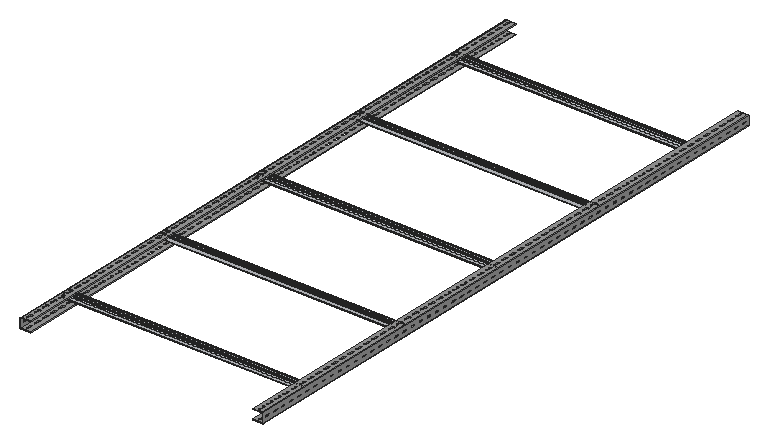
Revit family "steigeleiter_1200_FT", category Generic Models, Revit 2017
Family settings
  Can host rebar = No
  Round Connector Dimension = Use Diameter
  Part Type = Normal
  Work Plane-Based = No
  Always vertical = Yes
  Cut with Voids When Loaded = No
  Shared = No
  Room Calculation Point = No
Parameters (values of type "SLM 50 C40 12 FT")
  Width 1 = Width / 2  # 600 mm
  Width = 1200 mm
  URL = "http://www.obo-bettermann.com"
  Material = Hot-dip galvanised
  Manufacturer Art.No. = "6010563"
  Manufacturer = "OBO BETTERMANN"
  Length 2 = 273.5 mm
  Length = 3000 mm
  GTIN = "4012196168491"
  Cut's space 2 = 600 mm
  Cut's space = 50 mm
  Cut's number 3 = 2
  Cut's number 2 = 5
  Cut's number = Length / Cut's space  # 60
  Article Type = "SLM 50 C40 12 FT"
Reference planes
  plane 1 "Center (Front/Back)": y = 0
  plane 2: z = 0
  plane 3 "Center (Left/Right)": x = 0
  plane 4: z = 50
  plane 5: y = 3000
  plane 6: y = 273.5
Forms (mm)
  Extrusion 1, solid, material "Hot-dip galvanised" <- "Material"
    sketch origin (0, 0, 0) x (1, 0, 0) y (0, 0, 1)
      loop
        arc (-596, 2.5) -> (-597.061, 2.939) -> (-597.5, 4) r 1.5
        line (-597.5, 4) -> (-597.5, 46)
        arc (-597.5, 46) -> (-597.061, 47.061) -> (-596, 47.5) r 1.5
        line (-596, 47.5) -> (-550, 47.5) -> (-550, 50) -> (-596, 50)
        arc (-596, 50) -> (-598.828, 48.828) -> (-600, 46) r 4
        line (-600, 46) -> (-600, 4)
        arc (-600, 4) -> (-598.828, 1.172) -> (-596, 0) r 4
        line (-596, 0) -> (-550, 0) -> (-550, 2.5) -> (-596, 2.5)
      loop
        line (550, 50) -> (550, 47.5) -> (596, 47.5)
        arc (596, 47.5) -> (597.061, 47.061) -> (597.5, 46) r 1.5
        line (597.5, 46) -> (597.5, 4)
        arc (597.5, 4) -> (597.061, 2.939) -> (596, 2.5) r 1.5
        line (596, 2.5) -> (550, 2.5) -> (550, 0) -> (599.273, 0)
        arc (599.273, 0) -> (599.787, 0.213) -> (600, 0.727) r 0.727
        line (600, 0.727) -> (600, 47.011)
        arc (600, 47.011) -> (599.124, 49.124) -> (597.011, 50) r 2.989
        line (597.011, 50) -> (550, 50)
    from 0 to -3000
  Extrusion 2, void
    sketch origin (0, 0, 0) x (1, 0, 0) y (0, 1, 0)
      loop
        arc (-580.5, 15.5) -> (-575, 10) -> (-569.5, 15.5) r 5.5
        line (-569.5, 15.5) -> (-569.5, 34.5)
        arc (-569.5, 34.5) -> (-575, 40) -> (-580.5, 34.5) r 5.5
        line (-580.5, 34.5) -> (-580.5, 15.5)
    from 47.5 to 50
  Extrusion 3, void
    sketch origin (0, 50, 0) x (1, 0, 0) y (0, 1, 0)
      loop
        arc (-580.5, 15.5) -> (-575, 10) -> (-569.5, 15.5) r 5.5
        line (-569.5, 15.5) -> (-569.5, 34.5)
        arc (-569.5, 34.5) -> (-575, 40) -> (-580.5, 34.5) r 5.5
        line (-580.5, 34.5) -> (-580.5, 15.5)
    from 47.5 to 50
  Extrusion 4, void
    sketch origin (0, 100, 0) x (1, 0, 0) y (0, 1, 0)
      loop
        arc (-580.5, 15.5) -> (-575, 10) -> (-569.5, 15.5) r 5.5
        line (-569.5, 15.5) -> (-569.5, 34.5)
        arc (-569.5, 34.5) -> (-575, 40) -> (-580.5, 34.5) r 5.5
        line (-580.5, 34.5) -> (-580.5, 15.5)
    from 47.5 to 50
  Extrusion 5, void
    sketch origin (0, 150, 0) x (1, 0, 0) y (0, 1, 0)
      loop
        arc (-580.5, 15.5) -> (-575, 10) -> (-569.5, 15.5) r 5.5
        line (-569.5, 15.5) -> (-569.5, 34.5)
        arc (-569.5, 34.5) -> (-575, 40) -> (-580.5, 34.5) r 5.5
        line (-580.5, 34.5) -> (-580.5, 15.5)
    from 47.5 to 50
  Extrusion 6, void
    sketch origin (0, 200, 0) x (1, 0, 0) y (0, 1, 0)
      loop
        arc (-580.5, 15.5) -> (-575, 10) -> (-569.5, 15.5) r 5.5
        line (-569.5, 15.5) -> (-569.5, 34.5)
        arc (-569.5, 34.5) -> (-575, 40) -> (-580.5, 34.5) r 5.5
        line (-580.5, 34.5) -> (-580.5, 15.5)
    from 47.5 to 50
  Extrusion 7, void
    sketch origin (0, 250, 0) x (1, 0, 0) y (0, 1, 0)
      loop
        arc (-580.5, 15.5) -> (-575, 10) -> (-569.5, 15.5) r 5.5
        line (-569.5, 15.5) -> (-569.5, 34.5)
        arc (-569.5, 34.5) -> (-575, 40) -> (-580.5, 34.5) r 5.5
        line (-580.5, 34.5) -> (-580.5, 15.5)
    from 47.5 to 50
  Extrusion 8, void
    sketch origin (0, 300, 0) x (1, 0, 0) y (0, 1, 0)
      loop
        arc (-580.5, 15.5) -> (-575, 10) -> (-569.5, 15.5) r 5.5
        line (-569.5, 15.5) -> (-569.5, 34.5)
        arc (-569.5, 34.5) -> (-575, 40) -> (-580.5, 34.5) r 5.5
        line (-580.5, 34.5) -> (-580.5, 15.5)
    from 47.5 to 50
  Extrusion 9, void
    sketch origin (0, 350, 0) x (1, 0, 0) y (0, 1, 0)
      loop
        arc (-580.5, 15.5) -> (-575, 10) -> (-569.5, 15.5) r 5.5
        line (-569.5, 15.5) -> (-569.5, 34.5)
        arc (-569.5, 34.5) -> (-575, 40) -> (-580.5, 34.5) r 5.5
        line (-580.5, 34.5) -> (-580.5, 15.5)
    from 47.5 to 50
  Extrusion 10, void
    sketch origin (0, 400, 0) x (1, 0, 0) y (0, 1, 0)
      loop
        arc (-580.5, 15.5) -> (-575, 10) -> (-569.5, 15.5) r 5.5
        line (-569.5, 15.5) -> (-569.5, 34.5)
        arc (-569.5, 34.5) -> (-575, 40) -> (-580.5, 34.5) r 5.5
        line (-580.5, 34.5) -> (-580.5, 15.5)
    from 47.5 to 50
  Extrusion 11, void
    sketch origin (0, 450, 0) x (1, 0, 0) y (0, 1, 0)
      loop
        arc (-580.5, 15.5) -> (-575, 10) -> (-569.5, 15.5) r 5.5
        line (-569.5, 15.5) -> (-569.5, 34.5)
        arc (-569.5, 34.5) -> (-575, 40) -> (-580.5, 34.5) r 5.5
        line (-580.5, 34.5) -> (-580.5, 15.5)
    from 47.5 to 50
  Extrusion 12, void
    sketch origin (0, 500, 0) x (1, 0, 0) y (0, 1, 0)
      loop
        arc (-580.5, 15.5) -> (-575, 10) -> (-569.5, 15.5) r 5.5
        line (-569.5, 15.5) -> (-569.5, 34.5)
        arc (-569.5, 34.5) -> (-575, 40) -> (-580.5, 34.5) r 5.5
        line (-580.5, 34.5) -> (-580.5, 15.5)
    from 47.5 to 50
  Extrusion 13, void
    sketch origin (0, 550, 0) x (1, 0, 0) y (0, 1, 0)
      loop
        arc (-580.5, 15.5) -> (-575, 10) -> (-569.5, 15.5) r 5.5
        line (-569.5, 15.5) -> (-569.5, 34.5)
        arc (-569.5, 34.5) -> (-575, 40) -> (-580.5, 34.5) r 5.5
        line (-580.5, 34.5) -> (-580.5, 15.5)
    from 47.5 to 50
  Extrusion 14, void
    sketch origin (0, 600, 0) x (1, 0, 0) y (0, 1, 0)
      loop
        arc (-580.5, 15.5) -> (-575, 10) -> (-569.5, 15.5) r 5.5
        line (-569.5, 15.5) -> (-569.5, 34.5)
        arc (-569.5, 34.5) -> (-575, 40) -> (-580.5, 34.5) r 5.5
        line (-580.5, 34.5) -> (-580.5, 15.5)
    from 47.5 to 50
  Extrusion 15, void
    sketch origin (0, 650, 0) x (1, 0, 0) y (0, 1, 0)
      loop
        arc (-580.5, 15.5) -> (-575, 10) -> (-569.5, 15.5) r 5.5
        line (-569.5, 15.5) -> (-569.5, 34.5)
        arc (-569.5, 34.5) -> (-575, 40) -> (-580.5, 34.5) r 5.5
        line (-580.5, 34.5) -> (-580.5, 15.5)
    from 47.5 to 50
  Extrusion 16, void
    sketch origin (0, 700, 0) x (1, 0, 0) y (0, 1, 0)
      loop
        arc (-580.5, 15.5) -> (-575, 10) -> (-569.5, 15.5) r 5.5
        line (-569.5, 15.5) -> (-569.5, 34.5)
        arc (-569.5, 34.5) -> (-575, 40) -> (-580.5, 34.5) r 5.5
        line (-580.5, 34.5) -> (-580.5, 15.5)
    from 47.5 to 50
  Extrusion 17, void
    sketch origin (0, 750, 0) x (1, 0, 0) y (0, 1, 0)
      loop
        arc (-580.5, 15.5) -> (-575, 10) -> (-569.5, 15.5) r 5.5
        line (-569.5, 15.5) -> (-569.5, 34.5)
        arc (-569.5, 34.5) -> (-575, 40) -> (-580.5, 34.5) r 5.5
        line (-580.5, 34.5) -> (-580.5, 15.5)
    from 47.5 to 50
  Extrusion 18, void
    sketch origin (0, 800, 0) x (1, 0, 0) y (0, 1, 0)
      loop
        arc (-580.5, 15.5) -> (-575, 10) -> (-569.5, 15.5) r 5.5
        line (-569.5, 15.5) -> (-569.5, 34.5)
        arc (-569.5, 34.5) -> (-575, 40) -> (-580.5, 34.5) r 5.5
        line (-580.5, 34.5) -> (-580.5, 15.5)
    from 47.5 to 50
  Extrusion 19, void
    sketch origin (0, 850, 0) x (1, 0, 0) y (0, 1, 0)
      loop
        arc (-580.5, 15.5) -> (-575, 10) -> (-569.5, 15.5) r 5.5
        line (-569.5, 15.5) -> (-569.5, 34.5)
        arc (-569.5, 34.5) -> (-575, 40) -> (-580.5, 34.5) r 5.5
        line (-580.5, 34.5) -> (-580.5, 15.5)
    from 47.5 to 50
  Extrusion 20, void
    sketch origin (0, 900, 0) x (1, 0, 0) y (0, 1, 0)
      loop
        arc (-580.5, 15.5) -> (-575, 10) -> (-569.5, 15.5) r 5.5
        line (-569.5, 15.5) -> (-569.5, 34.5)
        arc (-569.5, 34.5) -> (-575, 40) -> (-580.5, 34.5) r 5.5
        line (-580.5, 34.5) -> (-580.5, 15.5)
    from 47.5 to 50
  Extrusion 21, void
    sketch origin (0, 950, 0) x (1, 0, 0) y (0, 1, 0)
      loop
        arc (-580.5, 15.5) -> (-575, 10) -> (-569.5, 15.5) r 5.5
        line (-569.5, 15.5) -> (-569.5, 34.5)
        arc (-569.5, 34.5) -> (-575, 40) -> (-580.5, 34.5) r 5.5
        line (-580.5, 34.5) -> (-580.5, 15.5)
    from 47.5 to 50
  Extrusion 22, void
    sketch origin (0, 1000, 0) x (1, 0, 0) y (0, 1, 0)
      loop
        arc (-580.5, 15.5) -> (-575, 10) -> (-569.5, 15.5) r 5.5
        line (-569.5, 15.5) -> (-569.5, 34.5)
        arc (-569.5, 34.5) -> (-575, 40) -> (-580.5, 34.5) r 5.5
        line (-580.5, 34.5) -> (-580.5, 15.5)
    from 47.5 to 50
  Extrusion 23, void
    sketch origin (0, 1050, 0) x (1, 0, 0) y (0, 1, 0)
      loop
        arc (-580.5, 15.5) -> (-575, 10) -> (-569.5, 15.5) r 5.5
        line (-569.5, 15.5) -> (-569.5, 34.5)
        arc (-569.5, 34.5) -> (-575, 40) -> (-580.5, 34.5) r 5.5
        line (-580.5, 34.5) -> (-580.5, 15.5)
    from 47.5 to 50
  Extrusion 24, void
    sketch origin (0, 1100, 0) x (1, 0, 0) y (0, 1, 0)
      loop
        arc (-580.5, 15.5) -> (-575, 10) -> (-569.5, 15.5) r 5.5
        line (-569.5, 15.5) -> (-569.5, 34.5)
        arc (-569.5, 34.5) -> (-575, 40) -> (-580.5, 34.5) r 5.5
        line (-580.5, 34.5) -> (-580.5, 15.5)
    from 47.5 to 50
  Extrusion 25, void
    sketch origin (0, 1150, 0) x (1, 0, 0) y (0, 1, 0)
      loop
        arc (-580.5, 15.5) -> (-575, 10) -> (-569.5, 15.5) r 5.5
        line (-569.5, 15.5) -> (-569.5, 34.5)
        arc (-569.5, 34.5) -> (-575, 40) -> (-580.5, 34.5) r 5.5
        line (-580.5, 34.5) -> (-580.5, 15.5)
    from 47.5 to 50
  Extrusion 26, void
    sketch origin (0, 1200, 0) x (1, 0, 0) y (0, 1, 0)
      loop
        arc (-580.5, 15.5) -> (-575, 10) -> (-569.5, 15.5) r 5.5
        line (-569.5, 15.5) -> (-569.5, 34.5)
        arc (-569.5, 34.5) -> (-575, 40) -> (-580.5, 34.5) r 5.5
        line (-580.5, 34.5) -> (-580.5, 15.5)
    from 47.5 to 50
  Extrusion 27, void
    sketch origin (0, 1250, 0) x (1, 0, 0) y (0, 1, 0)
      loop
        arc (-580.5, 15.5) -> (-575, 10) -> (-569.5, 15.5) r 5.5
        line (-569.5, 15.5) -> (-569.5, 34.5)
        arc (-569.5, 34.5) -> (-575, 40) -> (-580.5, 34.5) r 5.5
        line (-580.5, 34.5) -> (-580.5, 15.5)
    from 47.5 to 50
  Extrusion 28, void
    sketch origin (0, 1300, 0) x (1, 0, 0) y (0, 1, 0)
      loop
        arc (-580.5, 15.5) -> (-575, 10) -> (-569.5, 15.5) r 5.5
        line (-569.5, 15.5) -> (-569.5, 34.5)
        arc (-569.5, 34.5) -> (-575, 40) -> (-580.5, 34.5) r 5.5
        line (-580.5, 34.5) -> (-580.5, 15.5)
    from 47.5 to 50
  Extrusion 29, void
    sketch origin (0, 1350, 0) x (1, 0, 0) y (0, 1, 0)
      loop
        arc (-580.5, 15.5) -> (-575, 10) -> (-569.5, 15.5) r 5.5
        line (-569.5, 15.5) -> (-569.5, 34.5)
        arc (-569.5, 34.5) -> (-575, 40) -> (-580.5, 34.5) r 5.5
        line (-580.5, 34.5) -> (-580.5, 15.5)
    from 47.5 to 50
  Extrusion 30, void
    sketch origin (0, 1400, 0) x (1, 0, 0) y (0, 1, 0)
      loop
        arc (-580.5, 15.5) -> (-575, 10) -> (-569.5, 15.5) r 5.5
        line (-569.5, 15.5) -> (-569.5, 34.5)
        arc (-569.5, 34.5) -> (-575, 40) -> (-580.5, 34.5) r 5.5
        line (-580.5, 34.5) -> (-580.5, 15.5)
    from 47.5 to 50
  Extrusion 31, void
    sketch origin (0, 1450, 0) x (1, 0, 0) y (0, 1, 0)
      loop
        arc (-580.5, 15.5) -> (-575, 10) -> (-569.5, 15.5) r 5.5
        line (-569.5, 15.5) -> (-569.5, 34.5)
        arc (-569.5, 34.5) -> (-575, 40) -> (-580.5, 34.5) r 5.5
        line (-580.5, 34.5) -> (-580.5, 15.5)
    from 47.5 to 50
  Extrusion 32, void
    sketch origin (0, 1500, 0) x (1, 0, 0) y (0, 1, 0)
      loop
        arc (-580.5, 15.5) -> (-575, 10) -> (-569.5, 15.5) r 5.5
        line (-569.5, 15.5) -> (-569.5, 34.5)
        arc (-569.5, 34.5) -> (-575, 40) -> (-580.5, 34.5) r 5.5
        line (-580.5, 34.5) -> (-580.5, 15.5)
    from 47.5 to 50
  Extrusion 33, void
    sketch origin (0, 1550, 0) x (1, 0, 0) y (0, 1, 0)
      loop
        arc (-580.5, 15.5) -> (-575, 10) -> (-569.5, 15.5) r 5.5
        line (-569.5, 15.5) -> (-569.5, 34.5)
        arc (-569.5, 34.5) -> (-575, 40) -> (-580.5, 34.5) r 5.5
        line (-580.5, 34.5) -> (-580.5, 15.5)
    from 47.5 to 50
  Extrusion 34, void
    sketch origin (0, 1600, 0) x (1, 0, 0) y (0, 1, 0)
      loop
        arc (-580.5, 15.5) -> (-575, 10) -> (-569.5, 15.5) r 5.5
        line (-569.5, 15.5) -> (-569.5, 34.5)
        arc (-569.5, 34.5) -> (-575, 40) -> (-580.5, 34.5) r 5.5
        line (-580.5, 34.5) -> (-580.5, 15.5)
    from 47.5 to 50
  Extrusion 35, void
    sketch origin (0, 1650, 0) x (1, 0, 0) y (0, 1, 0)
      loop
        arc (-580.5, 15.5) -> (-575, 10) -> (-569.5, 15.5) r 5.5
        line (-569.5, 15.5) -> (-569.5, 34.5)
        arc (-569.5, 34.5) -> (-575, 40) -> (-580.5, 34.5) r 5.5
        line (-580.5, 34.5) -> (-580.5, 15.5)
    from 47.5 to 50
  Extrusion 36, void
    sketch origin (0, 1700, 0) x (1, 0, 0) y (0, 1, 0)
      loop
        arc (-580.5, 15.5) -> (-575, 10) -> (-569.5, 15.5) r 5.5
        line (-569.5, 15.5) -> (-569.5, 34.5)
        arc (-569.5, 34.5) -> (-575, 40) -> (-580.5, 34.5) r 5.5
        line (-580.5, 34.5) -> (-580.5, 15.5)
    from 47.5 to 50
  Extrusion 37, void
    sketch origin (0, 1750, 0) x (1, 0, 0) y (0, 1, 0)
      loop
        arc (-580.5, 15.5) -> (-575, 10) -> (-569.5, 15.5) r 5.5
        line (-569.5, 15.5) -> (-569.5, 34.5)
        arc (-569.5, 34.5) -> (-575, 40) -> (-580.5, 34.5) r 5.5
        line (-580.5, 34.5) -> (-580.5, 15.5)
    from 47.5 to 50
  Extrusion 38, void
    sketch origin (0, 1800, 0) x (1, 0, 0) y (0, 1, 0)
      loop
        arc (-580.5, 15.5) -> (-575, 10) -> (-569.5, 15.5) r 5.5
        line (-569.5, 15.5) -> (-569.5, 34.5)
        arc (-569.5, 34.5) -> (-575, 40) -> (-580.5, 34.5) r 5.5
        line (-580.5, 34.5) -> (-580.5, 15.5)
    from 47.5 to 50
  Extrusion 39, void
    sketch origin (0, 1850, 0) x (1, 0, 0) y (0, 1, 0)
      loop
        arc (-580.5, 15.5) -> (-575, 10) -> (-569.5, 15.5) r 5.5
        line (-569.5, 15.5) -> (-569.5, 34.5)
        arc (-569.5, 34.5) -> (-575, 40) -> (-580.5, 34.5) r 5.5
        line (-580.5, 34.5) -> (-580.5, 15.5)
    from 47.5 to 50
  Extrusion 40, void
    sketch origin (0, 1900, 0) x (1, 0, 0) y (0, 1, 0)
      loop
        arc (-580.5, 15.5) -> (-575, 10) -> (-569.5, 15.5) r 5.5
        line (-569.5, 15.5) -> (-569.5, 34.5)
        arc (-569.5, 34.5) -> (-575, 40) -> (-580.5, 34.5) r 5.5
        line (-580.5, 34.5) -> (-580.5, 15.5)
    from 47.5 to 50
  Extrusion 41, void
    sketch origin (0, 1950, 0) x (1, 0, 0) y (0, 1, 0)
      loop
        arc (-580.5, 15.5) -> (-575, 10) -> (-569.5, 15.5) r 5.5
        line (-569.5, 15.5) -> (-569.5, 34.5)
        arc (-569.5, 34.5) -> (-575, 40) -> (-580.5, 34.5) r 5.5
        line (-580.5, 34.5) -> (-580.5, 15.5)
    from 47.5 to 50
  Extrusion 42, void
    sketch origin (0, 2000, 0) x (1, 0, 0) y (0, 1, 0)
      loop
        arc (-580.5, 15.5) -> (-575, 10) -> (-569.5, 15.5) r 5.5
        line (-569.5, 15.5) -> (-569.5, 34.5)
        arc (-569.5, 34.5) -> (-575, 40) -> (-580.5, 34.5) r 5.5
        line (-580.5, 34.5) -> (-580.5, 15.5)
    from 47.5 to 50
  Extrusion 43, void
    sketch origin (0, 2050, 0) x (1, 0, 0) y (0, 1, 0)
      loop
        arc (-580.5, 15.5) -> (-575, 10) -> (-569.5, 15.5) r 5.5
        line (-569.5, 15.5) -> (-569.5, 34.5)
        arc (-569.5, 34.5) -> (-575, 40) -> (-580.5, 34.5) r 5.5
        line (-580.5, 34.5) -> (-580.5, 15.5)
    from 47.5 to 50
  Extrusion 44, void
    sketch origin (0, 2100, 0) x (1, 0, 0) y (0, 1, 0)
      loop
        arc (-580.5, 15.5) -> (-575, 10) -> (-569.5, 15.5) r 5.5
        line (-569.5, 15.5) -> (-569.5, 34.5)
        arc (-569.5, 34.5) -> (-575, 40) -> (-580.5, 34.5) r 5.5
        line (-580.5, 34.5) -> (-580.5, 15.5)
    from 47.5 to 50
  Extrusion 45, void
    sketch origin (0, 2150, 0) x (1, 0, 0) y (0, 1, 0)
      loop
        arc (-580.5, 15.5) -> (-575, 10) -> (-569.5, 15.5) r 5.5
        line (-569.5, 15.5) -> (-569.5, 34.5)
        arc (-569.5, 34.5) -> (-575, 40) -> (-580.5, 34.5) r 5.5
        line (-580.5, 34.5) -> (-580.5, 15.5)
    from 47.5 to 50
  Extrusion 46, void
    sketch origin (0, 2200, 0) x (1, 0, 0) y (0, 1, 0)
      loop
        arc (-580.5, 15.5) -> (-575, 10) -> (-569.5, 15.5) r 5.5
        line (-569.5, 15.5) -> (-569.5, 34.5)
        arc (-569.5, 34.5) -> (-575, 40) -> (-580.5, 34.5) r 5.5
        line (-580.5, 34.5) -> (-580.5, 15.5)
    from 47.5 to 50
  Extrusion 47, void
    sketch origin (0, 2250, 0) x (1, 0, 0) y (0, 1, 0)
      loop
        arc (-580.5, 15.5) -> (-575, 10) -> (-569.5, 15.5) r 5.5
        line (-569.5, 15.5) -> (-569.5, 34.5)
        arc (-569.5, 34.5) -> (-575, 40) -> (-580.5, 34.5) r 5.5
        line (-580.5, 34.5) -> (-580.5, 15.5)
    from 47.5 to 50
  Extrusion 48, void
    sketch origin (0, 2300, 0) x (1, 0, 0) y (0, 1, 0)
      loop
        arc (-580.5, 15.5) -> (-575, 10) -> (-569.5, 15.5) r 5.5
        line (-569.5, 15.5) -> (-569.5, 34.5)
        arc (-569.5, 34.5) -> (-575, 40) -> (-580.5, 34.5) r 5.5
        line (-580.5, 34.5) -> (-580.5, 15.5)
    from 47.5 to 50
  Extrusion 49, void
    sketch origin (0, 2350, 0) x (1, 0, 0) y (0, 1, 0)
      loop
        arc (-580.5, 15.5) -> (-575, 10) -> (-569.5, 15.5) r 5.5
        line (-569.5, 15.5) -> (-569.5, 34.5)
        arc (-569.5, 34.5) -> (-575, 40) -> (-580.5, 34.5) r 5.5
        line (-580.5, 34.5) -> (-580.5, 15.5)
    from 47.5 to 50
  Extrusion 50, void
    sketch origin (0, 2400, 0) x (1, 0, 0) y (0, 1, 0)
      loop
        arc (-580.5, 15.5) -> (-575, 10) -> (-569.5, 15.5) r 5.5
        line (-569.5, 15.5) -> (-569.5, 34.5)
        arc (-569.5, 34.5) -> (-575, 40) -> (-580.5, 34.5) r 5.5
        line (-580.5, 34.5) -> (-580.5, 15.5)
    from 47.5 to 50
  Extrusion 51, void
    sketch origin (0, 2450, 0) x (1, 0, 0) y (0, 1, 0)
      loop
        arc (-580.5, 15.5) -> (-575, 10) -> (-569.5, 15.5) r 5.5
        line (-569.5, 15.5) -> (-569.5, 34.5)
        arc (-569.5, 34.5) -> (-575, 40) -> (-580.5, 34.5) r 5.5
        line (-580.5, 34.5) -> (-580.5, 15.5)
    from 47.5 to 50
  Extrusion 52, void
    sketch origin (0, 2500, 0) x (1, 0, 0) y (0, 1, 0)
      loop
        arc (-580.5, 15.5) -> (-575, 10) -> (-569.5, 15.5) r 5.5
        line (-569.5, 15.5) -> (-569.5, 34.5)
        arc (-569.5, 34.5) -> (-575, 40) -> (-580.5, 34.5) r 5.5
        line (-580.5, 34.5) -> (-580.5, 15.5)
    from 47.5 to 50
  Extrusion 53, void
    sketch origin (0, 2550, 0) x (1, 0, 0) y (0, 1, 0)
      loop
        arc (-580.5, 15.5) -> (-575, 10) -> (-569.5, 15.5) r 5.5
        line (-569.5, 15.5) -> (-569.5, 34.5)
        arc (-569.5, 34.5) -> (-575, 40) -> (-580.5, 34.5) r 5.5
        line (-580.5, 34.5) -> (-580.5, 15.5)
    from 47.5 to 50
  Extrusion 54, void
    sketch origin (0, 2600, 0) x (1, 0, 0) y (0, 1, 0)
      loop
        arc (-580.5, 15.5) -> (-575, 10) -> (-569.5, 15.5) r 5.5
        line (-569.5, 15.5) -> (-569.5, 34.5)
        arc (-569.5, 34.5) -> (-575, 40) -> (-580.5, 34.5) r 5.5
        line (-580.5, 34.5) -> (-580.5, 15.5)
    from 47.5 to 50
  Extrusion 55, void
    sketch origin (0, 2650, 0) x (1, 0, 0) y (0, 1, 0)
      loop
        arc (-580.5, 15.5) -> (-575, 10) -> (-569.5, 15.5) r 5.5
        line (-569.5, 15.5) -> (-569.5, 34.5)
        arc (-569.5, 34.5) -> (-575, 40) -> (-580.5, 34.5) r 5.5
        line (-580.5, 34.5) -> (-580.5, 15.5)
    from 47.5 to 50
  Extrusion 56, void
    sketch origin (0, 2700, 0) x (1, 0, 0) y (0, 1, 0)
      loop
        arc (-580.5, 15.5) -> (-575, 10) -> (-569.5, 15.5) r 5.5
        line (-569.5, 15.5) -> (-569.5, 34.5)
        arc (-569.5, 34.5) -> (-575, 40) -> (-580.5, 34.5) r 5.5
        line (-580.5, 34.5) -> (-580.5, 15.5)
    from 47.5 to 50
  Extrusion 57, void
    sketch origin (0, 2750, 0) x (1, 0, 0) y (0, 1, 0)
      loop
        arc (-580.5, 15.5) -> (-575, 10) -> (-569.5, 15.5) r 5.5
        line (-569.5, 15.5) -> (-569.5, 34.5)
        arc (-569.5, 34.5) -> (-575, 40) -> (-580.5, 34.5) r 5.5
        line (-580.5, 34.5) -> (-580.5, 15.5)
    from 47.5 to 50
  Extrusion 58, void
    sketch origin (0, 2800, 0) x (1, 0, 0) y (0, 1, 0)
      loop
        arc (-580.5, 15.5) -> (-575, 10) -> (-569.5, 15.5) r 5.5
        line (-569.5, 15.5) -> (-569.5, 34.5)
        arc (-569.5, 34.5) -> (-575, 40) -> (-580.5, 34.5) r 5.5
        line (-580.5, 34.5) -> (-580.5, 15.5)
    from 47.5 to 50
  Extrusion 59, void
    sketch origin (0, 2850, 0) x (1, 0, 0) y (0, 1, 0)
      loop
        arc (-580.5, 15.5) -> (-575, 10) -> (-569.5, 15.5) r 5.5
        line (-569.5, 15.5) -> (-569.5, 34.5)
        arc (-569.5, 34.5) -> (-575, 40) -> (-580.5, 34.5) r 5.5
        line (-580.5, 34.5) -> (-580.5, 15.5)
    from 47.5 to 50
  Extrusion 60, void
    sketch origin (0, 2900, 0) x (1, 0, 0) y (0, 1, 0)
      loop
        arc (-580.5, 15.5) -> (-575, 10) -> (-569.5, 15.5) r 5.5
        line (-569.5, 15.5) -> (-569.5, 34.5)
        arc (-569.5, 34.5) -> (-575, 40) -> (-580.5, 34.5) r 5.5
        line (-580.5, 34.5) -> (-580.5, 15.5)
    from 47.5 to 50
  Extrusion 61, void
    sketch origin (0, 2950, 0) x (1, 0, 0) y (0, 1, 0)
      loop
        arc (-580.5, 15.5) -> (-575, 10) -> (-569.5, 15.5) r 5.5
        line (-569.5, 15.5) -> (-569.5, 34.5)
        arc (-569.5, 34.5) -> (-575, 40) -> (-580.5, 34.5) r 5.5
        line (-580.5, 34.5) -> (-580.5, 15.5)
    from 47.5 to 50
  Extrusion 62, void
    sketch origin (0, 0, 0) x (1, 0, 0) y (0, 1, 0)
      loop
        arc (569.5, 15.5) -> (575, 10) -> (580.5, 15.5) r 5.5
        line (580.5, 15.5) -> (580.5, 34.5)
        arc (580.5, 34.5) -> (575, 40) -> (569.5, 34.5) r 5.5
        line (569.5, 34.5) -> (569.5, 15.5)
    from 47.5 to 50
  Extrusion 63, void
    sketch origin (0, 50, 0) x (1, 0, 0) y (0, 1, 0)
      loop
        arc (569.5, 15.5) -> (575, 10) -> (580.5, 15.5) r 5.5
        line (580.5, 15.5) -> (580.5, 34.5)
        arc (580.5, 34.5) -> (575, 40) -> (569.5, 34.5) r 5.5
        line (569.5, 34.5) -> (569.5, 15.5)
    from 47.5 to 50
  Extrusion 64, void
    sketch origin (0, 100, 0) x (1, 0, 0) y (0, 1, 0)
      loop
        arc (569.5, 15.5) -> (575, 10) -> (580.5, 15.5) r 5.5
        line (580.5, 15.5) -> (580.5, 34.5)
        arc (580.5, 34.5) -> (575, 40) -> (569.5, 34.5) r 5.5
        line (569.5, 34.5) -> (569.5, 15.5)
    from 47.5 to 50
  Extrusion 65, void
    sketch origin (0, 150, 0) x (1, 0, 0) y (0, 1, 0)
      loop
        arc (569.5, 15.5) -> (575, 10) -> (580.5, 15.5) r 5.5
        line (580.5, 15.5) -> (580.5, 34.5)
        arc (580.5, 34.5) -> (575, 40) -> (569.5, 34.5) r 5.5
        line (569.5, 34.5) -> (569.5, 15.5)
    from 47.5 to 50
  Extrusion 66, void
    sketch origin (0, 200, 0) x (1, 0, 0) y (0, 1, 0)
      loop
        arc (569.5, 15.5) -> (575, 10) -> (580.5, 15.5) r 5.5
        line (580.5, 15.5) -> (580.5, 34.5)
        arc (580.5, 34.5) -> (575, 40) -> (569.5, 34.5) r 5.5
        line (569.5, 34.5) -> (569.5, 15.5)
    from 47.5 to 50
  Extrusion 67, void
    sketch origin (0, 250, 0) x (1, 0, 0) y (0, 1, 0)
      loop
        arc (569.5, 15.5) -> (575, 10) -> (580.5, 15.5) r 5.5
        line (580.5, 15.5) -> (580.5, 34.5)
        arc (580.5, 34.5) -> (575, 40) -> (569.5, 34.5) r 5.5
        line (569.5, 34.5) -> (569.5, 15.5)
    from 47.5 to 50
  Extrusion 68, void
    sketch origin (0, 300, 0) x (1, 0, 0) y (0, 1, 0)
      loop
        arc (569.5, 15.5) -> (575, 10) -> (580.5, 15.5) r 5.5
        line (580.5, 15.5) -> (580.5, 34.5)
        arc (580.5, 34.5) -> (575, 40) -> (569.5, 34.5) r 5.5
        line (569.5, 34.5) -> (569.5, 15.5)
    from 47.5 to 50
  Extrusion 69, void
    sketch origin (0, 350, 0) x (1, 0, 0) y (0, 1, 0)
      loop
        arc (569.5, 15.5) -> (575, 10) -> (580.5, 15.5) r 5.5
        line (580.5, 15.5) -> (580.5, 34.5)
        arc (580.5, 34.5) -> (575, 40) -> (569.5, 34.5) r 5.5
        line (569.5, 34.5) -> (569.5, 15.5)
    from 47.5 to 50
  Extrusion 70, void
    sketch origin (0, 400, 0) x (1, 0, 0) y (0, 1, 0)
      loop
        arc (569.5, 15.5) -> (575, 10) -> (580.5, 15.5) r 5.5
        line (580.5, 15.5) -> (580.5, 34.5)
        arc (580.5, 34.5) -> (575, 40) -> (569.5, 34.5) r 5.5
        line (569.5, 34.5) -> (569.5, 15.5)
    from 47.5 to 50
  Extrusion 71, void
    sketch origin (0, 450, 0) x (1, 0, 0) y (0, 1, 0)
      loop
        arc (569.5, 15.5) -> (575, 10) -> (580.5, 15.5) r 5.5
        line (580.5, 15.5) -> (580.5, 34.5)
        arc (580.5, 34.5) -> (575, 40) -> (569.5, 34.5) r 5.5
        line (569.5, 34.5) -> (569.5, 15.5)
    from 47.5 to 50
  Extrusion 72, void
    sketch origin (0, 500, 0) x (1, 0, 0) y (0, 1, 0)
      loop
        arc (569.5, 15.5) -> (575, 10) -> (580.5, 15.5) r 5.5
        line (580.5, 15.5) -> (580.5, 34.5)
        arc (580.5, 34.5) -> (575, 40) -> (569.5, 34.5) r 5.5
        line (569.5, 34.5) -> (569.5, 15.5)
    from 47.5 to 50
  Extrusion 73, void
    sketch origin (0, 550, 0) x (1, 0, 0) y (0, 1, 0)
      loop
        arc (569.5, 15.5) -> (575, 10) -> (580.5, 15.5) r 5.5
        line (580.5, 15.5) -> (580.5, 34.5)
        arc (580.5, 34.5) -> (575, 40) -> (569.5, 34.5) r 5.5
        line (569.5, 34.5) -> (569.5, 15.5)
    from 47.5 to 50
  Extrusion 74, void
    sketch origin (0, 600, 0) x (1, 0, 0) y (0, 1, 0)
      loop
        arc (569.5, 15.5) -> (575, 10) -> (580.5, 15.5) r 5.5
        line (580.5, 15.5) -> (580.5, 34.5)
        arc (580.5, 34.5) -> (575, 40) -> (569.5, 34.5) r 5.5
        line (569.5, 34.5) -> (569.5, 15.5)
    from 47.5 to 50
  Extrusion 75, void
    sketch origin (0, 650, 0) x (1, 0, 0) y (0, 1, 0)
      loop
        arc (569.5, 15.5) -> (575, 10) -> (580.5, 15.5) r 5.5
        line (580.5, 15.5) -> (580.5, 34.5)
        arc (580.5, 34.5) -> (575, 40) -> (569.5, 34.5) r 5.5
        line (569.5, 34.5) -> (569.5, 15.5)
    from 47.5 to 50
  Extrusion 76, void
    sketch origin (0, 700, 0) x (1, 0, 0) y (0, 1, 0)
      loop
        arc (569.5, 15.5) -> (575, 10) -> (580.5, 15.5) r 5.5
        line (580.5, 15.5) -> (580.5, 34.5)
        arc (580.5, 34.5) -> (575, 40) -> (569.5, 34.5) r 5.5
        line (569.5, 34.5) -> (569.5, 15.5)
    from 47.5 to 50
  Extrusion 77, void
    sketch origin (0, 750, 0) x (1, 0, 0) y (0, 1, 0)
      loop
        arc (569.5, 15.5) -> (575, 10) -> (580.5, 15.5) r 5.5
        line (580.5, 15.5) -> (580.5, 34.5)
        arc (580.5, 34.5) -> (575, 40) -> (569.5, 34.5) r 5.5
        line (569.5, 34.5) -> (569.5, 15.5)
    from 47.5 to 50
  Extrusion 78, void
    sketch origin (0, 800, 0) x (1, 0, 0) y (0, 1, 0)
      loop
        arc (569.5, 15.5) -> (575, 10) -> (580.5, 15.5) r 5.5
        line (580.5, 15.5) -> (580.5, 34.5)
        arc (580.5, 34.5) -> (575, 40) -> (569.5, 34.5) r 5.5
        line (569.5, 34.5) -> (569.5, 15.5)
    from 47.5 to 50
  Extrusion 79, void
    sketch origin (0, 850, 0) x (1, 0, 0) y (0, 1, 0)
      loop
        arc (569.5, 15.5) -> (575, 10) -> (580.5, 15.5) r 5.5
        line (580.5, 15.5) -> (580.5, 34.5)
        arc (580.5, 34.5) -> (575, 40) -> (569.5, 34.5) r 5.5
        line (569.5, 34.5) -> (569.5, 15.5)
    from 47.5 to 50
  Extrusion 80, void
    sketch origin (0, 900, 0) x (1, 0, 0) y (0, 1, 0)
      loop
        arc (569.5, 15.5) -> (575, 10) -> (580.5, 15.5) r 5.5
        line (580.5, 15.5) -> (580.5, 34.5)
        arc (580.5, 34.5) -> (575, 40) -> (569.5, 34.5) r 5.5
        line (569.5, 34.5) -> (569.5, 15.5)
    from 47.5 to 50
  Extrusion 81, void
    sketch origin (0, 950, 0) x (1, 0, 0) y (0, 1, 0)
      loop
        arc (569.5, 15.5) -> (575, 10) -> (580.5, 15.5) r 5.5
        line (580.5, 15.5) -> (580.5, 34.5)
        arc (580.5, 34.5) -> (575, 40) -> (569.5, 34.5) r 5.5
        line (569.5, 34.5) -> (569.5, 15.5)
    from 47.5 to 50
  Extrusion 82, void
    sketch origin (0, 1000, 0) x (1, 0, 0) y (0, 1, 0)
      loop
        arc (569.5, 15.5) -> (575, 10) -> (580.5, 15.5) r 5.5
        line (580.5, 15.5) -> (580.5, 34.5)
        arc (580.5, 34.5) -> (575, 40) -> (569.5, 34.5) r 5.5
        line (569.5, 34.5) -> (569.5, 15.5)
    from 47.5 to 50
  Extrusion 83, void
    sketch origin (0, 1050, 0) x (1, 0, 0) y (0, 1, 0)
      loop
        arc (569.5, 15.5) -> (575, 10) -> (580.5, 15.5) r 5.5
        line (580.5, 15.5) -> (580.5, 34.5)
        arc (580.5, 34.5) -> (575, 40) -> (569.5, 34.5) r 5.5
        line (569.5, 34.5) -> (569.5, 15.5)
    from 47.5 to 50
  Extrusion 84, void
    sketch origin (0, 1100, 0) x (1, 0, 0) y (0, 1, 0)
      loop
        arc (569.5, 15.5) -> (575, 10) -> (580.5, 15.5) r 5.5
        line (580.5, 15.5) -> (580.5, 34.5)
        arc (580.5, 34.5) -> (575, 40) -> (569.5, 34.5) r 5.5
        line (569.5, 34.5) -> (569.5, 15.5)
    from 47.5 to 50
  Extrusion 85, void
    sketch origin (0, 1150, 0) x (1, 0, 0) y (0, 1, 0)
      loop
        arc (569.5, 15.5) -> (575, 10) -> (580.5, 15.5) r 5.5
        line (580.5, 15.5) -> (580.5, 34.5)
        arc (580.5, 34.5) -> (575, 40) -> (569.5, 34.5) r 5.5
        line (569.5, 34.5) -> (569.5, 15.5)
    from 47.5 to 50
  Extrusion 86, void
    sketch origin (0, 1200, 0) x (1, 0, 0) y (0, 1, 0)
      loop
        arc (569.5, 15.5) -> (575, 10) -> (580.5, 15.5) r 5.5
        line (580.5, 15.5) -> (580.5, 34.5)
        arc (580.5, 34.5) -> (575, 40) -> (569.5, 34.5) r 5.5
        line (569.5, 34.5) -> (569.5, 15.5)
    from 47.5 to 50
  Extrusion 87, void
    sketch origin (0, 1250, 0) x (1, 0, 0) y (0, 1, 0)
      loop
        arc (569.5, 15.5) -> (575, 10) -> (580.5, 15.5) r 5.5
        line (580.5, 15.5) -> (580.5, 34.5)
        arc (580.5, 34.5) -> (575, 40) -> (569.5, 34.5) r 5.5
        line (569.5, 34.5) -> (569.5, 15.5)
    from 47.5 to 50
  Extrusion 88, void
    sketch origin (0, 1300, 0) x (1, 0, 0) y (0, 1, 0)
      loop
        arc (569.5, 15.5) -> (575, 10) -> (580.5, 15.5) r 5.5
        line (580.5, 15.5) -> (580.5, 34.5)
        arc (580.5, 34.5) -> (575, 40) -> (569.5, 34.5) r 5.5
        line (569.5, 34.5) -> (569.5, 15.5)
    from 47.5 to 50
  Extrusion 89, void
    sketch origin (0, 1350, 0) x (1, 0, 0) y (0, 1, 0)
      loop
        arc (569.5, 15.5) -> (575, 10) -> (580.5, 15.5) r 5.5
        line (580.5, 15.5) -> (580.5, 34.5)
        arc (580.5, 34.5) -> (575, 40) -> (569.5, 34.5) r 5.5
        line (569.5, 34.5) -> (569.5, 15.5)
    from 47.5 to 50
  Extrusion 90, void
    sketch origin (0, 1400, 0) x (1, 0, 0) y (0, 1, 0)
      loop
        arc (569.5, 15.5) -> (575, 10) -> (580.5, 15.5) r 5.5
        line (580.5, 15.5) -> (580.5, 34.5)
        arc (580.5, 34.5) -> (575, 40) -> (569.5, 34.5) r 5.5
        line (569.5, 34.5) -> (569.5, 15.5)
    from 47.5 to 50
  Extrusion 91, void
    sketch origin (0, 1450, 0) x (1, 0, 0) y (0, 1, 0)
      loop
        arc (569.5, 15.5) -> (575, 10) -> (580.5, 15.5) r 5.5
        line (580.5, 15.5) -> (580.5, 34.5)
        arc (580.5, 34.5) -> (575, 40) -> (569.5, 34.5) r 5.5
        line (569.5, 34.5) -> (569.5, 15.5)
    from 47.5 to 50
  Extrusion 92, void
    sketch origin (0, 1500, 0) x (1, 0, 0) y (0, 1, 0)
      loop
        arc (569.5, 15.5) -> (575, 10) -> (580.5, 15.5) r 5.5
        line (580.5, 15.5) -> (580.5, 34.5)
        arc (580.5, 34.5) -> (575, 40) -> (569.5, 34.5) r 5.5
        line (569.5, 34.5) -> (569.5, 15.5)
    from 47.5 to 50
  Extrusion 93, void
    sketch origin (0, 1550, 0) x (1, 0, 0) y (0, 1, 0)
      loop
        arc (569.5, 15.5) -> (575, 10) -> (580.5, 15.5) r 5.5
        line (580.5, 15.5) -> (580.5, 34.5)
        arc (580.5, 34.5) -> (575, 40) -> (569.5, 34.5) r 5.5
        line (569.5, 34.5) -> (569.5, 15.5)
    from 47.5 to 50
  Extrusion 94, void
    sketch origin (0, 1600, 0) x (1, 0, 0) y (0, 1, 0)
      loop
        arc (569.5, 15.5) -> (575, 10) -> (580.5, 15.5) r 5.5
        line (580.5, 15.5) -> (580.5, 34.5)
        arc (580.5, 34.5) -> (575, 40) -> (569.5, 34.5) r 5.5
        line (569.5, 34.5) -> (569.5, 15.5)
    from 47.5 to 50
  Extrusion 95, void
    sketch origin (0, 1650, 0) x (1, 0, 0) y (0, 1, 0)
      loop
        arc (569.5, 15.5) -> (575, 10) -> (580.5, 15.5) r 5.5
        line (580.5, 15.5) -> (580.5, 34.5)
        arc (580.5, 34.5) -> (575, 40) -> (569.5, 34.5) r 5.5
        line (569.5, 34.5) -> (569.5, 15.5)
    from 47.5 to 50
  Extrusion 96, void
    sketch origin (0, 1700, 0) x (1, 0, 0) y (0, 1, 0)
      loop
        arc (569.5, 15.5) -> (575, 10) -> (580.5, 15.5) r 5.5
        line (580.5, 15.5) -> (580.5, 34.5)
        arc (580.5, 34.5) -> (575, 40) -> (569.5, 34.5) r 5.5
        line (569.5, 34.5) -> (569.5, 15.5)
    from 47.5 to 50
  Extrusion 97, void
    sketch origin (0, 1750, 0) x (1, 0, 0) y (0, 1, 0)
      loop
        arc (569.5, 15.5) -> (575, 10) -> (580.5, 15.5) r 5.5
        line (580.5, 15.5) -> (580.5, 34.5)
        arc (580.5, 34.5) -> (575, 40) -> (569.5, 34.5) r 5.5
        line (569.5, 34.5) -> (569.5, 15.5)
    from 47.5 to 50
  Extrusion 98, void
    sketch origin (0, 1800, 0) x (1, 0, 0) y (0, 1, 0)
      loop
        arc (569.5, 15.5) -> (575, 10) -> (580.5, 15.5) r 5.5
        line (580.5, 15.5) -> (580.5, 34.5)
        arc (580.5, 34.5) -> (575, 40) -> (569.5, 34.5) r 5.5
        line (569.5, 34.5) -> (569.5, 15.5)
    from 47.5 to 50
  Extrusion 99, void
    sketch origin (0, 1850, 0) x (1, 0, 0) y (0, 1, 0)
      loop
        arc (569.5, 15.5) -> (575, 10) -> (580.5, 15.5) r 5.5
        line (580.5, 15.5) -> (580.5, 34.5)
        arc (580.5, 34.5) -> (575, 40) -> (569.5, 34.5) r 5.5
        line (569.5, 34.5) -> (569.5, 15.5)
    from 47.5 to 50
  Extrusion 100, void
    sketch origin (0, 1900, 0) x (1, 0, 0) y (0, 1, 0)
      loop
        arc (569.5, 15.5) -> (575, 10) -> (580.5, 15.5) r 5.5
        line (580.5, 15.5) -> (580.5, 34.5)
        arc (580.5, 34.5) -> (575, 40) -> (569.5, 34.5) r 5.5
        line (569.5, 34.5) -> (569.5, 15.5)
    from 47.5 to 50
  Extrusion 101, void
    sketch origin (0, 1950, 0) x (1, 0, 0) y (0, 1, 0)
      loop
        arc (569.5, 15.5) -> (575, 10) -> (580.5, 15.5) r 5.5
        line (580.5, 15.5) -> (580.5, 34.5)
        arc (580.5, 34.5) -> (575, 40) -> (569.5, 34.5) r 5.5
        line (569.5, 34.5) -> (569.5, 15.5)
    from 47.5 to 50
  Extrusion 102, void
    sketch origin (0, 2000, 0) x (1, 0, 0) y (0, 1, 0)
      loop
        arc (569.5, 15.5) -> (575, 10) -> (580.5, 15.5) r 5.5
        line (580.5, 15.5) -> (580.5, 34.5)
        arc (580.5, 34.5) -> (575, 40) -> (569.5, 34.5) r 5.5
        line (569.5, 34.5) -> (569.5, 15.5)
    from 47.5 to 50
  Extrusion 103, void
    sketch origin (0, 2050, 0) x (1, 0, 0) y (0, 1, 0)
      loop
        arc (569.5, 15.5) -> (575, 10) -> (580.5, 15.5) r 5.5
        line (580.5, 15.5) -> (580.5, 34.5)
        arc (580.5, 34.5) -> (575, 40) -> (569.5, 34.5) r 5.5
        line (569.5, 34.5) -> (569.5, 15.5)
    from 47.5 to 50
  Extrusion 104, void
    sketch origin (0, 2100, 0) x (1, 0, 0) y (0, 1, 0)
      loop
        arc (569.5, 15.5) -> (575, 10) -> (580.5, 15.5) r 5.5
        line (580.5, 15.5) -> (580.5, 34.5)
        arc (580.5, 34.5) -> (575, 40) -> (569.5, 34.5) r 5.5
        line (569.5, 34.5) -> (569.5, 15.5)
    from 47.5 to 50
  Extrusion 105, void
    sketch origin (0, 2150, 0) x (1, 0, 0) y (0, 1, 0)
      loop
        arc (569.5, 15.5) -> (575, 10) -> (580.5, 15.5) r 5.5
        line (580.5, 15.5) -> (580.5, 34.5)
        arc (580.5, 34.5) -> (575, 40) -> (569.5, 34.5) r 5.5
        line (569.5, 34.5) -> (569.5, 15.5)
    from 47.5 to 50
  Extrusion 106, void
    sketch origin (0, 2200, 0) x (1, 0, 0) y (0, 1, 0)
      loop
        arc (569.5, 15.5) -> (575, 10) -> (580.5, 15.5) r 5.5
        line (580.5, 15.5) -> (580.5, 34.5)
        arc (580.5, 34.5) -> (575, 40) -> (569.5, 34.5) r 5.5
        line (569.5, 34.5) -> (569.5, 15.5)
    from 47.5 to 50
  Extrusion 107, void
    sketch origin (0, 2250, 0) x (1, 0, 0) y (0, 1, 0)
      loop
        arc (569.5, 15.5) -> (575, 10) -> (580.5, 15.5) r 5.5
        line (580.5, 15.5) -> (580.5, 34.5)
        arc (580.5, 34.5) -> (575, 40) -> (569.5, 34.5) r 5.5
        line (569.5, 34.5) -> (569.5, 15.5)
    from 47.5 to 50
  Extrusion 108, void
    sketch origin (0, 2300, 0) x (1, 0, 0) y (0, 1, 0)
      loop
        arc (569.5, 15.5) -> (575, 10) -> (580.5, 15.5) r 5.5
        line (580.5, 15.5) -> (580.5, 34.5)
        arc (580.5, 34.5) -> (575, 40) -> (569.5, 34.5) r 5.5
        line (569.5, 34.5) -> (569.5, 15.5)
    from 47.5 to 50
  Extrusion 109, void
    sketch origin (0, 2350, 0) x (1, 0, 0) y (0, 1, 0)
      loop
        arc (569.5, 15.5) -> (575, 10) -> (580.5, 15.5) r 5.5
        line (580.5, 15.5) -> (580.5, 34.5)
        arc (580.5, 34.5) -> (575, 40) -> (569.5, 34.5) r 5.5
        line (569.5, 34.5) -> (569.5, 15.5)
    from 47.5 to 50
  Extrusion 110, void
    sketch origin (0, 2400, 0) x (1, 0, 0) y (0, 1, 0)
      loop
        arc (569.5, 15.5) -> (575, 10) -> (580.5, 15.5) r 5.5
        line (580.5, 15.5) -> (580.5, 34.5)
        arc (580.5, 34.5) -> (575, 40) -> (569.5, 34.5) r 5.5
        line (569.5, 34.5) -> (569.5, 15.5)
    from 47.5 to 50
  Extrusion 111, void
    sketch origin (0, 2450, 0) x (1, 0, 0) y (0, 1, 0)
      loop
        arc (569.5, 15.5) -> (575, 10) -> (580.5, 15.5) r 5.5
        line (580.5, 15.5) -> (580.5, 34.5)
        arc (580.5, 34.5) -> (575, 40) -> (569.5, 34.5) r 5.5
        line (569.5, 34.5) -> (569.5, 15.5)
    from 47.5 to 50
  Extrusion 112, void
    sketch origin (0, 2500, 0) x (1, 0, 0) y (0, 1, 0)
      loop
        arc (569.5, 15.5) -> (575, 10) -> (580.5, 15.5) r 5.5
        line (580.5, 15.5) -> (580.5, 34.5)
        arc (580.5, 34.5) -> (575, 40) -> (569.5, 34.5) r 5.5
        line (569.5, 34.5) -> (569.5, 15.5)
    from 47.5 to 50
  Extrusion 113, void
    sketch origin (0, 2550, 0) x (1, 0, 0) y (0, 1, 0)
      loop
        arc (569.5, 15.5) -> (575, 10) -> (580.5, 15.5) r 5.5
        line (580.5, 15.5) -> (580.5, 34.5)
        arc (580.5, 34.5) -> (575, 40) -> (569.5, 34.5) r 5.5
        line (569.5, 34.5) -> (569.5, 15.5)
    from 47.5 to 50
  Extrusion 114, void
    sketch origin (0, 2600, 0) x (1, 0, 0) y (0, 1, 0)
      loop
        arc (569.5, 15.5) -> (575, 10) -> (580.5, 15.5) r 5.5
        line (580.5, 15.5) -> (580.5, 34.5)
        arc (580.5, 34.5) -> (575, 40) -> (569.5, 34.5) r 5.5
        line (569.5, 34.5) -> (569.5, 15.5)
    from 47.5 to 50
  Extrusion 115, void
    sketch origin (0, 2650, 0) x (1, 0, 0) y (0, 1, 0)
      loop
        arc (569.5, 15.5) -> (575, 10) -> (580.5, 15.5) r 5.5
        line (580.5, 15.5) -> (580.5, 34.5)
        arc (580.5, 34.5) -> (575, 40) -> (569.5, 34.5) r 5.5
        line (569.5, 34.5) -> (569.5, 15.5)
    from 47.5 to 50
  Extrusion 116, void
    sketch origin (0, 2700, 0) x (1, 0, 0) y (0, 1, 0)
      loop
        arc (569.5, 15.5) -> (575, 10) -> (580.5, 15.5) r 5.5
        line (580.5, 15.5) -> (580.5, 34.5)
        arc (580.5, 34.5) -> (575, 40) -> (569.5, 34.5) r 5.5
        line (569.5, 34.5) -> (569.5, 15.5)
    from 47.5 to 50
  Extrusion 117, void
    sketch origin (0, 2750, 0) x (1, 0, 0) y (0, 1, 0)
      loop
        arc (569.5, 15.5) -> (575, 10) -> (580.5, 15.5) r 5.5
        line (580.5, 15.5) -> (580.5, 34.5)
        arc (580.5, 34.5) -> (575, 40) -> (569.5, 34.5) r 5.5
        line (569.5, 34.5) -> (569.5, 15.5)
    from 47.5 to 50
  Extrusion 118, void
    sketch origin (0, 2800, 0) x (1, 0, 0) y (0, 1, 0)
      loop
        arc (569.5, 15.5) -> (575, 10) -> (580.5, 15.5) r 5.5
        line (580.5, 15.5) -> (580.5, 34.5)
        arc (580.5, 34.5) -> (575, 40) -> (569.5, 34.5) r 5.5
        line (569.5, 34.5) -> (569.5, 15.5)
    from 47.5 to 50
  Extrusion 119, void
    sketch origin (0, 2850, 0) x (1, 0, 0) y (0, 1, 0)
      loop
        arc (569.5, 15.5) -> (575, 10) -> (580.5, 15.5) r 5.5
        line (580.5, 15.5) -> (580.5, 34.5)
        arc (580.5, 34.5) -> (575, 40) -> (569.5, 34.5) r 5.5
        line (569.5, 34.5) -> (569.5, 15.5)
    from 47.5 to 50
  Extrusion 120, void
    sketch origin (0, 2900, 0) x (1, 0, 0) y (0, 1, 0)
      loop
        arc (569.5, 15.5) -> (575, 10) -> (580.5, 15.5) r 5.5
        line (580.5, 15.5) -> (580.5, 34.5)
        arc (580.5, 34.5) -> (575, 40) -> (569.5, 34.5) r 5.5
        line (569.5, 34.5) -> (569.5, 15.5)
    from 47.5 to 50
  Extrusion 121, void
    sketch origin (0, 2950, 0) x (1, 0, 0) y (0, 1, 0)
      loop
        arc (569.5, 15.5) -> (575, 10) -> (580.5, 15.5) r 5.5
        line (580.5, 15.5) -> (580.5, 34.5)
        arc (580.5, 34.5) -> (575, 40) -> (569.5, 34.5) r 5.5
        line (569.5, 34.5) -> (569.5, 15.5)
    from 47.5 to 50
  Extrusion 122, void
    sketch origin (0, 0, 0) x (1, 0, 0) y (0, 1, 0)
      loop
        arc (-580.5, 15.5) -> (-575, 10) -> (-569.5, 15.5) r 5.5
        line (-569.5, 15.5) -> (-569.5, 34.5)
        arc (-569.5, 34.5) -> (-575, 40) -> (-580.5, 34.5) r 5.5
        line (-580.5, 34.5) -> (-580.5, 15.5)
    from 0 to 2.5
  Extrusion 123, void
    sketch origin (0, 50, 0) x (1, 0, 0) y (0, 1, 0)
      loop
        arc (-580.5, 15.5) -> (-575, 10) -> (-569.5, 15.5) r 5.5
        line (-569.5, 15.5) -> (-569.5, 34.5)
        arc (-569.5, 34.5) -> (-575, 40) -> (-580.5, 34.5) r 5.5
        line (-580.5, 34.5) -> (-580.5, 15.5)
    from 0 to 2.5
  Extrusion 124, void
    sketch origin (0, 100, 0) x (1, 0, 0) y (0, 1, 0)
      loop
        arc (-580.5, 15.5) -> (-575, 10) -> (-569.5, 15.5) r 5.5
        line (-569.5, 15.5) -> (-569.5, 34.5)
        arc (-569.5, 34.5) -> (-575, 40) -> (-580.5, 34.5) r 5.5
        line (-580.5, 34.5) -> (-580.5, 15.5)
    from 0 to 2.5
  Extrusion 125, void
    sketch origin (0, 150, 0) x (1, 0, 0) y (0, 1, 0)
      loop
        arc (-580.5, 15.5) -> (-575, 10) -> (-569.5, 15.5) r 5.5
        line (-569.5, 15.5) -> (-569.5, 34.5)
        arc (-569.5, 34.5) -> (-575, 40) -> (-580.5, 34.5) r 5.5
        line (-580.5, 34.5) -> (-580.5, 15.5)
    from 0 to 2.5
  Extrusion 126, void
    sketch origin (0, 200, 0) x (1, 0, 0) y (0, 1, 0)
      loop
        arc (-580.5, 15.5) -> (-575, 10) -> (-569.5, 15.5) r 5.5
        line (-569.5, 15.5) -> (-569.5, 34.5)
        arc (-569.5, 34.5) -> (-575, 40) -> (-580.5, 34.5) r 5.5
        line (-580.5, 34.5) -> (-580.5, 15.5)
    from 0 to 2.5
  Extrusion 127, void
    sketch origin (0, 250, 0) x (1, 0, 0) y (0, 1, 0)
      loop
        arc (-580.5, 15.5) -> (-575, 10) -> (-569.5, 15.5) r 5.5
        line (-569.5, 15.5) -> (-569.5, 34.5)
        arc (-569.5, 34.5) -> (-575, 40) -> (-580.5, 34.5) r 5.5
        line (-580.5, 34.5) -> (-580.5, 15.5)
    from 0 to 2.5
  Extrusion 128, void
    sketch origin (0, 300, 0) x (1, 0, 0) y (0, 1, 0)
      loop
        arc (-580.5, 15.5) -> (-575, 10) -> (-569.5, 15.5) r 5.5
        line (-569.5, 15.5) -> (-569.5, 34.5)
        arc (-569.5, 34.5) -> (-575, 40) -> (-580.5, 34.5) r 5.5
        line (-580.5, 34.5) -> (-580.5, 15.5)
    from 0 to 2.5
  Extrusion 129, void
    sketch origin (0, 350, 0) x (1, 0, 0) y (0, 1, 0)
      loop
        arc (-580.5, 15.5) -> (-575, 10) -> (-569.5, 15.5) r 5.5
        line (-569.5, 15.5) -> (-569.5, 34.5)
        arc (-569.5, 34.5) -> (-575, 40) -> (-580.5, 34.5) r 5.5
        line (-580.5, 34.5) -> (-580.5, 15.5)
    from 0 to 2.5
  Extrusion 130, void
    sketch origin (0, 400, 0) x (1, 0, 0) y (0, 1, 0)
      loop
        arc (-580.5, 15.5) -> (-575, 10) -> (-569.5, 15.5) r 5.5
        line (-569.5, 15.5) -> (-569.5, 34.5)
        arc (-569.5, 34.5) -> (-575, 40) -> (-580.5, 34.5) r 5.5
        line (-580.5, 34.5) -> (-580.5, 15.5)
    from 0 to 2.5
  Extrusion 131, void
    sketch origin (0, 450, 0) x (1, 0, 0) y (0, 1, 0)
      loop
        arc (-580.5, 15.5) -> (-575, 10) -> (-569.5, 15.5) r 5.5
        line (-569.5, 15.5) -> (-569.5, 34.5)
        arc (-569.5, 34.5) -> (-575, 40) -> (-580.5, 34.5) r 5.5
        line (-580.5, 34.5) -> (-580.5, 15.5)
    from 0 to 2.5
  Extrusion 132, void
    sketch origin (0, 500, 0) x (1, 0, 0) y (0, 1, 0)
      loop
        arc (-580.5, 15.5) -> (-575, 10) -> (-569.5, 15.5) r 5.5
        line (-569.5, 15.5) -> (-569.5, 34.5)
        arc (-569.5, 34.5) -> (-575, 40) -> (-580.5, 34.5) r 5.5
        line (-580.5, 34.5) -> (-580.5, 15.5)
    from 0 to 2.5
  Extrusion 133, void
    sketch origin (0, 550, 0) x (1, 0, 0) y (0, 1, 0)
      loop
        arc (-580.5, 15.5) -> (-575, 10) -> (-569.5, 15.5) r 5.5
        line (-569.5, 15.5) -> (-569.5, 34.5)
        arc (-569.5, 34.5) -> (-575, 40) -> (-580.5, 34.5) r 5.5
        line (-580.5, 34.5) -> (-580.5, 15.5)
    from 0 to 2.5
  Extrusion 134, void
    sketch origin (0, 600, 0) x (1, 0, 0) y (0, 1, 0)
      loop
        arc (-580.5, 15.5) -> (-575, 10) -> (-569.5, 15.5) r 5.5
        line (-569.5, 15.5) -> (-569.5, 34.5)
        arc (-569.5, 34.5) -> (-575, 40) -> (-580.5, 34.5) r 5.5
        line (-580.5, 34.5) -> (-580.5, 15.5)
    from 0 to 2.5
  Extrusion 135, void
    sketch origin (0, 650, 0) x (1, 0, 0) y (0, 1, 0)
      loop
        arc (-580.5, 15.5) -> (-575, 10) -> (-569.5, 15.5) r 5.5
        line (-569.5, 15.5) -> (-569.5, 34.5)
        arc (-569.5, 34.5) -> (-575, 40) -> (-580.5, 34.5) r 5.5
        line (-580.5, 34.5) -> (-580.5, 15.5)
    from 0 to 2.5
  Extrusion 136, void
    sketch origin (0, 700, 0) x (1, 0, 0) y (0, 1, 0)
      loop
        arc (-580.5, 15.5) -> (-575, 10) -> (-569.5, 15.5) r 5.5
        line (-569.5, 15.5) -> (-569.5, 34.5)
        arc (-569.5, 34.5) -> (-575, 40) -> (-580.5, 34.5) r 5.5
        line (-580.5, 34.5) -> (-580.5, 15.5)
    from 0 to 2.5
  Extrusion 137, void
    sketch origin (0, 750, 0) x (1, 0, 0) y (0, 1, 0)
      loop
        arc (-580.5, 15.5) -> (-575, 10) -> (-569.5, 15.5) r 5.5
        line (-569.5, 15.5) -> (-569.5, 34.5)
        arc (-569.5, 34.5) -> (-575, 40) -> (-580.5, 34.5) r 5.5
        line (-580.5, 34.5) -> (-580.5, 15.5)
    from 0 to 2.5
  Extrusion 138, void
    sketch origin (0, 800, 0) x (1, 0, 0) y (0, 1, 0)
      loop
        arc (-580.5, 15.5) -> (-575, 10) -> (-569.5, 15.5) r 5.5
        line (-569.5, 15.5) -> (-569.5, 34.5)
        arc (-569.5, 34.5) -> (-575, 40) -> (-580.5, 34.5) r 5.5
        line (-580.5, 34.5) -> (-580.5, 15.5)
    from 0 to 2.5
  Extrusion 139, void
    sketch origin (0, 850, 0) x (1, 0, 0) y (0, 1, 0)
      loop
        arc (-580.5, 15.5) -> (-575, 10) -> (-569.5, 15.5) r 5.5
        line (-569.5, 15.5) -> (-569.5, 34.5)
        arc (-569.5, 34.5) -> (-575, 40) -> (-580.5, 34.5) r 5.5
        line (-580.5, 34.5) -> (-580.5, 15.5)
    from 0 to 2.5
  Extrusion 140, void
    sketch origin (0, 900, 0) x (1, 0, 0) y (0, 1, 0)
      loop
        arc (-580.5, 15.5) -> (-575, 10) -> (-569.5, 15.5) r 5.5
        line (-569.5, 15.5) -> (-569.5, 34.5)
        arc (-569.5, 34.5) -> (-575, 40) -> (-580.5, 34.5) r 5.5
        line (-580.5, 34.5) -> (-580.5, 15.5)
    from 0 to 2.5
  Extrusion 141, void
    sketch origin (0, 950, 0) x (1, 0, 0) y (0, 1, 0)
      loop
        arc (-580.5, 15.5) -> (-575, 10) -> (-569.5, 15.5) r 5.5
        line (-569.5, 15.5) -> (-569.5, 34.5)
        arc (-569.5, 34.5) -> (-575, 40) -> (-580.5, 34.5) r 5.5
        line (-580.5, 34.5) -> (-580.5, 15.5)
    from 0 to 2.5
  Extrusion 142, void
    sketch origin (0, 1000, 0) x (1, 0, 0) y (0, 1, 0)
      loop
        arc (-580.5, 15.5) -> (-575, 10) -> (-569.5, 15.5) r 5.5
        line (-569.5, 15.5) -> (-569.5, 34.5)
        arc (-569.5, 34.5) -> (-575, 40) -> (-580.5, 34.5) r 5.5
        line (-580.5, 34.5) -> (-580.5, 15.5)
    from 0 to 2.5
  Extrusion 143, void
    sketch origin (0, 1050, 0) x (1, 0, 0) y (0, 1, 0)
      loop
        arc (-580.5, 15.5) -> (-575, 10) -> (-569.5, 15.5) r 5.5
        line (-569.5, 15.5) -> (-569.5, 34.5)
        arc (-569.5, 34.5) -> (-575, 40) -> (-580.5, 34.5) r 5.5
        line (-580.5, 34.5) -> (-580.5, 15.5)
    from 0 to 2.5
  Extrusion 144, void
    sketch origin (0, 1100, 0) x (1, 0, 0) y (0, 1, 0)
      loop
        arc (-580.5, 15.5) -> (-575, 10) -> (-569.5, 15.5) r 5.5
        line (-569.5, 15.5) -> (-569.5, 34.5)
        arc (-569.5, 34.5) -> (-575, 40) -> (-580.5, 34.5) r 5.5
        line (-580.5, 34.5) -> (-580.5, 15.5)
    from 0 to 2.5
  Extrusion 145, void
    sketch origin (0, 1150, 0) x (1, 0, 0) y (0, 1, 0)
      loop
        arc (-580.5, 15.5) -> (-575, 10) -> (-569.5, 15.5) r 5.5
        line (-569.5, 15.5) -> (-569.5, 34.5)
        arc (-569.5, 34.5) -> (-575, 40) -> (-580.5, 34.5) r 5.5
        line (-580.5, 34.5) -> (-580.5, 15.5)
    from 0 to 2.5
  Extrusion 146, void
    sketch origin (0, 1200, 0) x (1, 0, 0) y (0, 1, 0)
      loop
        arc (-580.5, 15.5) -> (-575, 10) -> (-569.5, 15.5) r 5.5
        line (-569.5, 15.5) -> (-569.5, 34.5)
        arc (-569.5, 34.5) -> (-575, 40) -> (-580.5, 34.5) r 5.5
        line (-580.5, 34.5) -> (-580.5, 15.5)
    from 0 to 2.5
  Extrusion 147, void
    sketch origin (0, 1250, 0) x (1, 0, 0) y (0, 1, 0)
      loop
        arc (-580.5, 15.5) -> (-575, 10) -> (-569.5, 15.5) r 5.5
        line (-569.5, 15.5) -> (-569.5, 34.5)
        arc (-569.5, 34.5) -> (-575, 40) -> (-580.5, 34.5) r 5.5
        line (-580.5, 34.5) -> (-580.5, 15.5)
    from 0 to 2.5
  Extrusion 148, void
    sketch origin (0, 1300, 0) x (1, 0, 0) y (0, 1, 0)
      loop
        arc (-580.5, 15.5) -> (-575, 10) -> (-569.5, 15.5) r 5.5
        line (-569.5, 15.5) -> (-569.5, 34.5)
        arc (-569.5, 34.5) -> (-575, 40) -> (-580.5, 34.5) r 5.5
        line (-580.5, 34.5) -> (-580.5, 15.5)
    from 0 to 2.5
  Extrusion 149, void
    sketch origin (0, 1350, 0) x (1, 0, 0) y (0, 1, 0)
      loop
        arc (-580.5, 15.5) -> (-575, 10) -> (-569.5, 15.5) r 5.5
        line (-569.5, 15.5) -> (-569.5, 34.5)
        arc (-569.5, 34.5) -> (-575, 40) -> (-580.5, 34.5) r 5.5
        line (-580.5, 34.5) -> (-580.5, 15.5)
    from 0 to 2.5
